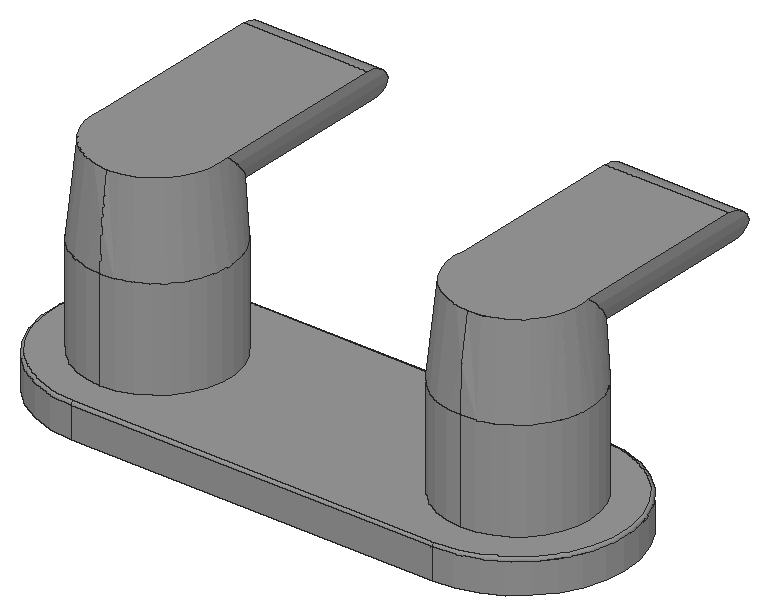
Revit family "Accessory-Robe_Hook-KOHLER-AVID-K-97500T_1", category Specialty Equipment, host Face, Revit 2017
Family settings
  Host = Face
  Round Connector Dimension = Use Diameter
  Part Type = Normal
  OmniClass Number = 23.31.25.27
  OmniClass Title = Robe Hooks
  Cut with Voids When Loaded = No
  Shared = No
  Room Calculation Point = No
Parameters (values of type "Not a Type-See Type Catalog")
  Width = 4 49/64"  # constant formula
  WaterSense Certified = 1 = 0  # no
  URL = "http://www.kohler.com.cn/en/"
  Type = 0
  Product Page URL = "http://www.kohler.com.cn/product/K-97500T/K-97500T-CP/"
  Product Name = "AVID"  # constant formula
  Product Documentation Link = "http://files.kohler.com.cn/pdfs/1512705096290_K-97500T_install.pdf"
  Model = if(Type = 1, "K-97500T-CP", if(Type = 2, "K-97500T-AF", if(Type = 3, "K-97500T-BN", if(Type = 4, "K-97500T-BV", if(Type = 5, "K-97500T-PGD", if(Type = 6, "K-97500T-RGD", if(Type = 7, "K-97500T-SN", if(Type = 8, "K-97500T-TT", if(Type = 9, "K-97500T-2BL", if(Type = 10, "K-97500T-2BZ", "NA"))))))))))  # "NA"
  Material = "Premium Metal Construction"  # constant formula
  Master Format 2014 Name = "Toilet, Bath, and Laundry Accessories"  # constant formula
  Master Format 2014 = "10 28 00"  # constant formula
  Manufacturer Address = "158 Jiangchang 3rd Road Zhabei District Shanghai, 200436 China"  # constant formula
  Manufacturer = "KOHLER Co."  # constant formula
  Length = 1 109/128"  # constant formula
  Height = 2 173/256"  # constant formula
  Finish = Default
  Environmental Product Declaration = ""
  Description = "Double Coat Hook"  # constant formula
  Default Elevation = 42"
  Declare Label = ""
  Date Modified = "06/09/2020"  # constant formula
  Date Created = "06/09/2020"  # constant formula
  Copyright = "Copyright KOHLER Co."  # constant formula
  Contact Us = "http://www.kohler.com.cn/en/contact/contact-us/"
  Assembly Code = "C1030200"
  ADA Compliant = 1 = 0  # no
Reference planes (in)
  plane 1 "Center (Front/Back)": y = 0
  plane 2: z = 0
  plane 3 "Center (Left/Right)": x = 0
  plane 4: y = 0.88583
  plane 5: y = -0.88583
  plane 6: x = -2.38189
  plane 7: x = -1.49606
  plane 8: x = -2.00787
  plane 9: x = -0.61024
  plane 10: x = -0.98425
  plane 11: x = 2.38374
  plane 12: x = 1.49606
  plane 13: x = 2.00787
  plane 14: x = 0.61024
  plane 15: x = 0.98425
  plane 16: y = 1.78995
  plane 17: z = 0.27559
  plane 18: z = 1.85156
  plane 19: x = 2.09934
  plane 20: x = 0.9006
  plane 21: x = -2.09934
  plane 22: x = -0.9006
  plane 23: y = -0.59935
  plane 24: z = 1.33477
  plane 25: y = 0.59934
  plane 26: y = 1.55751
Dimensions and locks (in)
  "Width": plane 6 to plane 11
  plane 5 to plane 4 = 1.77165"
  "Height": plane 5 to plane 16
  locked: plane 8 to plane 10 at 1.02362
  locked: plane 15 to plane 13 at 1.02362
  locked: plane 7 to plane 12 at 2.99213
  locked: plane 17 to plane 2 at 0.27559
  "Length": plane 18 to plane 2
  aligned and locked: plane 2 to host face
  aligned and locked: level to host face
Automatic sketch dimensions
  host sketch curve to host sketch curve = 96"  (x2)
Nested families (in)
  nested 1: "K-97500T" at (0, 0, 0), type "K-97500T"
Definition of nested family "K-97500T"
  Parameters (values of type "K-97500T")
    Material = none
  Reference planes (in)
    plane 1 "Center (Front/Back)": y = 0
    plane 2: z = 0
    plane 3 "Center (Left/Right)": x = 0
    plane 4: x = -1.49606
    plane 5: x = 1.49606
    plane 6: x = -2.00787
    plane 7: x = -0.98425
    plane 8: x = 2.00787
    plane 9: x = 0.98425
    plane 10: x = -2.38189
    plane 11: x = 2.38189
    plane 12: y = 0.88583
    plane 13: y = -0.88583
    plane 14: y = 1.79134
    plane 15: z = 0.27559
    plane 16: z = 1.85039
  Forms (in)
    Revolve 1, solid, material <- "Material", detail levels medium+fine
      sketch origin (1.5, 0, 0) x (0, 1, 0) y (0, 0, 1)
        loop
          line (-0.59934, 0.27559) -> (0, 0.27559) -> (0, 1.85039) -> (-0.52315, 1.85039)
          arc (-0.52315, 1.85039) -> (-0.58024, 1.48051) -> (-0.59934, 1.10674) r 3.66726
          line (-0.59934, 1.10674) -> (-0.59934, 0.27559)
        axis (0, 1.85039) -> (0, 0.27559)
      angle from 0 to 360
    Extrusion 2, solid, material <- "Material", detail levels medium+fine
      sketch origin (1.5, 0, 0) x (1, 0, 0) y (0, 1, 0)
        loop
          arc (-0.46484, 1.79687) -> (-0.50075, 1.782) -> (-0.51562, 1.74609) r 0.05078
          line (-0.51562, 1.74609) -> (-0.51562, 0.01682)
          arc (-0.51562, 0.01682) -> (0, -0.4988) -> (0.51563, 0.01682) r 0.51562
          line (0.51563, 0.01682) -> (0.51563, 1.74516)
          arc (0.51563, 1.74516) -> (0.50048, 1.78173) -> (0.46391, 1.79687) r 0.05171
          line (0.46391, 1.79687) -> (-0.46484, 1.79687)
      from 1.30774 to 1.8724
    Extrusion 3, void
      sketch origin (1.5, 0.03125, 0) x (0, 1, 0) y (0, 0, 1)
        loop
          line (-0.73438, 1.85039) -> (1.51562, 1.85039)
          arc (1.51562, 1.85039) -> (1.6924, 1.77717) -> (1.76562, 1.60039) r 0.25
          line (1.76562, 1.60039) -> (1.76562, 1.30656) -> (2.01451, 1.30656) -> (2.01451, 2.32733) -> (-0.73438, 2.32733) -> (-0.73438, 1.85039)
      from -1.07797 to 1.9314
    Extrusion 4, void
      sketch origin (1.5, 0, 0) x (1, 0, 0) y (0, 0, 1)
        loop
          line (-0.51562, 1.85039) -> (-0.64076, 1.85039) -> (-0.64076, 1.25587) -> (0.63742, 1.25587) -> (0.63742, 1.85039) -> (0.51563, 1.85039)
          arc (0.51563, 1.85039) -> (0, 1.33477) -> (-0.51562, 1.85039) r 0.51563
      from -2.02139 to 1.45101
    Extrusion 5, void
      sketch origin (-1.5, 0, 0) x (-1, 0, 0) y (0, 0, -1)
        loop
          arc (-0.51562, -1.85039) -> (0, -1.33477) -> (0.51563, -1.85039) r 0.51563
          line (0.51563, -1.85039) -> (0.63742, -1.85039) -> (0.63742, -1.25587) -> (-0.64076, -1.25587) -> (-0.64076, -1.85039) -> (-0.51562, -1.85039)
      from -2.02139 to 1.45101
    Extrusion 6, void
      sketch origin (-1.5, 0.03125, 0) x (0, 1, 0) y (0, 0, -1)
        loop
          line (-0.73438, -1.85039) -> (-0.73438, -2.32733) -> (2.01451, -2.32733) -> (2.01451, -1.30656) -> (1.76562, -1.30656) -> (1.76562, -1.60039)
          arc (1.76562, -1.60039) -> (1.6924, -1.77717) -> (1.51562, -1.85039) r 0.25
          line (1.51562, -1.85039) -> (-0.73438, -1.85039)
      from -1.07797 to 1.9314
    Extrusion 7, solid, material <- "Material", detail levels medium+fine
      sketch origin (-1.5, 0, 0) x (-1, 0, 0) y (0, -1, 0)
        loop
          line (-0.46484, -1.79687) -> (0.46391, -1.79687)
          arc (0.46391, -1.79687) -> (0.50048, -1.78173) -> (0.51563, -1.74516) r 0.05171
          line (0.51563, -1.74516) -> (0.51563, -0.01682)
          arc (0.51563, -0.01682) -> (0, 0.4988) -> (-0.51562, -0.01682) r 0.51562
          line (-0.51562, -0.01682) -> (-0.51562, -1.74609)
          arc (-0.51562, -1.74609) -> (-0.50075, -1.782) -> (-0.46484, -1.79687) r 0.05078
      from 1.30774 to 1.8724
    Revolve 8, solid, material <- "Material", detail levels medium+fine
      sketch origin (-1.5, 0, 0) x (0, 1, 0) y (0, 0, -1)
        loop
          line (-0.59934, -0.27559) -> (-0.59934, -1.10674)
          arc (-0.59934, -1.10674) -> (-0.58024, -1.48051) -> (-0.52315, -1.85039) r 3.66726
          line (-0.52315, -1.85039) -> (0, -1.85039) -> (0, -0.27559) -> (-0.59934, -0.27559)
        axis (0, -1.85039) -> (0, -0.27559)
      angle from 0 to 360
    Sweep 9, solid, material <- "Material", detail levels medium+fine
      path origin (0, 0, 0) x (1, 0, 0) y (0, 1, 0)
        loop
          arc (-1.50009, 0.89062) -> (-2.39071, 0) -> (-1.50009, -0.89063) r 0.89063
          line (-1.50009, -0.89063) -> (1.49946, -0.89063)
          arc (1.49946, -0.89063) -> (2.39008, 0) -> (1.49946, 0.89062) r 0.89063
          line (1.49946, 0.89062) -> (-1.50009, 0.89062)
      profile origin (-0.00031, 0.89062, 0) x (0, 1, 0) y (0, 0, 1)
        loop
          line (-0.23691, 0) -> (0, 0) -> (0, 0.25221)
          arc (0, 0.25221) -> (-0.00685, 0.26874) -> (-0.02338, 0.27559) r 0.02338
          line (-0.02338, 0.27559) -> (-0.23691, 0.27559) -> (-0.23691, 0)
    Extrusion 10, solid, material <- "Material", detail levels medium+fine
      sketch origin (0, 0, 0) x (1, 0, 0) y (0, 1, 0)
        loop
          arc (-1.50009, 0.65371) -> (-2.1538, 0) -> (-1.50009, -0.65371) r 0.65371
          line (-1.50009, -0.65371) -> (1.49946, -0.65371)
          arc (1.49946, -0.65371) -> (2.15317, 0) -> (1.49946, 0.65371) r 0.65371
          line (1.49946, 0.65371) -> (-1.50009, 0.65371)
      from 0 to 0.27559
    Extrusion 11, solid, material <- "Material", detail levels coarse
      sketch origin (0, 0, 0) x (1, 0, 0) y (0, 1, 0)
        loop
          arc (-2.39062, 0) -> (-2.12982, -0.62976) -> (-1.50009, -0.89063) r 0.89054
          line (-1.50009, -0.89063) -> (1.50009, -0.89063)
          arc (1.50009, -0.89063) -> (2.12982, -0.62976) -> (2.39062, 0) r 0.89054
          arc (2.39062, 0) -> (2.12982, 0.62976) -> (1.50009, 0.89062) r 0.89054
          line (1.50009, 0.89062) -> (-1.50009, 0.89062)
          arc (-1.50009, 0.89062) -> (-2.12982, 0.62976) -> (-2.39062, 0) r 0.89054
      from 0 to 0.27559
    Extrusion 12, solid, material <- "Material", detail levels coarse
      sketch origin (0, 0, 0) x (1, 0, 0) y (0, 1, 0)
        loop
          circle (-1.5, 0) r 0.53493
        loop
          circle (1.5, 0) r 0.53516
      from 0 to 1.84375
    Extrusion 13, solid, material <- "Material", detail levels coarse
      sketch origin (0, 0, 0) x (1, 0, 0) y (0, 0, 1)
        loop
          line (-2.01562, 1.84375) -> (-2.01562, 1.31959) -> (-0.98437, 1.31959) -> (-0.98437, 1.84375) -> (-2.01562, 1.84375)
        loop
          line (2.01563, 1.84375) -> (0.98438, 1.84375) -> (0.98438, 1.31959) -> (2.01563, 1.31959) -> (2.01563, 1.84375)
      from -1.79688 to 0
  Cuts and joins
    Extrusion 5, Extrusion 6 cuts Revolve 1
    Extrusion 3, Extrusion 4, Extrusion 5, Extrusion 6 cuts Extrusion 2
    Extrusion 5, Extrusion 6 cuts Extrusion 7
    joined: Revolve 1, Extrusion 2, Extrusion 7, Revolve 8, Sweep 9, Extrusion 10
    joined: Extrusion 11, Extrusion 12, Extrusion 13
  Lines and regions (in)
    Masking region 1
      outline origin (0, 0, 0) x (1, 0, 0) y (0, 1, 0)
        loop
          line (-0.98437, 0.88583) -> (-0.98437, 1.64213)
          arc (-0.98437, 1.64213) -> (-0.98638, 1.68821) -> (-0.99238, 1.73396) r 0.53104
          arc (-0.99238, 1.73396) -> (-0.999, 1.75586) -> (-1.01064, 1.77556) r 0.09562
          arc (-1.01064, 1.77556) -> (-1.02254, 1.78608) -> (-1.03753, 1.79134) r 0.04135
          line (-1.03753, 1.79134) -> (-1.95472, 1.79134)
          arc (-1.95472, 1.79134) -> (-1.96971, 1.78608) -> (-1.98161, 1.77556) r 0.04135
          arc (-1.98161, 1.77556) -> (-1.99325, 1.75586) -> (-1.99987, 1.73396) r 0.09562
          arc (-1.99987, 1.73396) -> (-2.00587, 1.68821) -> (-2.00787, 1.64213) r 0.53104
          line (-2.00787, 1.64213) -> (-2.00787, 0.73167)
          arc (-2.00787, 0.73167) -> (-2.28208, 0.41041) -> (-2.38189, 0) r 0.91079
          arc (-2.38189, 0) -> (-2.12504, -0.62613) -> (-1.50009, -0.88583) r 0.88181
          line (-1.50009, -0.88583) -> (1.50009, -0.88583)
          arc (1.50009, -0.88583) -> (2.12504, -0.62613) -> (2.38189, 0) r 0.88181
          arc (2.38189, 0) -> (2.28208, 0.41041) -> (2.00787, 0.73167) r 0.91079
          line (2.00787, 0.73167) -> (2.00787, 1.64213)
          arc (2.00787, 1.64213) -> (2.00587, 1.68821) -> (1.99987, 1.73396) r 0.53104
          arc (1.99987, 1.73396) -> (1.99325, 1.75586) -> (1.98161, 1.77556) r 0.09562
          arc (1.98161, 1.77556) -> (1.96971, 1.78608) -> (1.95472, 1.79134) r 0.04135
          line (1.95472, 1.79134) -> (1.03753, 1.79134)
          arc (1.03753, 1.79134) -> (1.02254, 1.78608) -> (1.01064, 1.77556) r 0.04135
          arc (1.01064, 1.77556) -> (0.999, 1.75586) -> (0.99238, 1.73396) r 0.09562
          arc (0.99238, 1.73396) -> (0.98638, 1.68821) -> (0.98438, 1.64213) r 0.53104
          line (0.98438, 1.64213) -> (0.98438, 0.88583) -> (-0.98437, 0.88583)
    Masking region 2
      outline origin (0, 0, 0) x (1, 0, 0) y (0, 0, 1)
        loop
          line (2.38189, 0) -> (2.38189, 0.25249)
          arc (2.38189, 0.25249) -> (2.37512, 0.26882) -> (2.35879, 0.27559) r 0.0231
          line (2.35879, 0.27559) -> (2.09934, 0.27559) -> (2.09934, 1.15604)
          arc (2.09934, 1.15604) -> (2.07638, 1.50621) -> (2.00787, 1.85039) r 2.68127
          line (2.00787, 1.85039) -> (0.98425, 1.85039)
          arc (0.98425, 1.85039) -> (0.92163, 1.50572) -> (0.90066, 1.15604) r 2.92559
          line (0.90066, 1.15604) -> (0.90066, 0.27559) -> (-0.90066, 0.27559) -> (-0.90066, 1.15604)
          arc (-0.90066, 1.15604) -> (-0.92163, 1.50572) -> (-0.98425, 1.85039) r 2.92559
          line (-0.98425, 1.85039) -> (-2.00787, 1.85039)
          arc (-2.00787, 1.85039) -> (-2.07638, 1.50621) -> (-2.09934, 1.15604) r 2.68127
          line (-2.09934, 1.15604) -> (-2.09934, 0.27559) -> (-2.35879, 0.27559)
          arc (-2.35879, 0.27559) -> (-2.37512, 0.26882) -> (-2.38189, 0.25249) r 0.0231
          line (-2.38189, 0.25249) -> (-2.38189, 0) -> (2.38189, 0)
    Masking region 3
      outline origin (0, 0, 0) x (0, 1, 0) y (0, 0, 1)
        loop
          arc (-0.59934, 0.85656) -> (-0.58954, 0.74867) -> (-0.59934, 0.64079) r 0.59892
          line (-0.59934, 0.64079) -> (-0.59934, 0.27559) -> (-0.86101, 0.27559)
          arc (-0.86101, 0.27559) -> (-0.87856, 0.26832) -> (-0.88583, 0.25077) r 0.02482
          line (-0.88583, 0.25077) -> (-0.88583, 0) -> (0.88583, 0) -> (0.88583, 0.25047)
          arc (0.88583, 0.25047) -> (0.87847, 0.26823) -> (0.8607, 0.27559) r 0.02512
          line (0.8607, 0.27559) -> (0.59934, 0.27559) -> (0.59934, 0.75851)
          arc (0.59934, 0.75851) -> (0.76812, 1.16599) -> (1.1756, 1.33477) r 0.57626
          line (1.1756, 1.33477) -> (1.79134, 1.33477) -> (1.79134, 1.60039)
          arc (1.79134, 1.60039) -> (1.71812, 1.77717) -> (1.54134, 1.85039) r 0.25
          line (1.54134, 1.85039) -> (-0.45846, 1.85039)
          arc (-0.45846, 1.85039) -> (-0.50872, 1.83227) -> (-0.53584, 1.78624) r 0.07874
          arc (-0.53584, 1.78624) -> (-0.58343, 1.44788) -> (-0.59934, 1.10656) r 3.66904
          line (-0.59934, 1.10656) -> (-0.59934, 0.85656)
    symbolic lines, detail levels medium+fine
      curve 1: arc (-2.00787, 0.30552, 0) -> (-2.0017, 0.15226, 0) -> (-1.98322, 0, 0) r 1.90567
      curve 2: arc (-0.98437, 0.13382, 0) -> (-0.99164, 0.06676, 0) -> (-1.00127, 0, 0) r 1.90567
      curve 3: arc (-1.98322, 0, 0) -> (-1.49225, -0.41766, 0) -> (-1.00127, 0, 0) r 0.49741
      curve 4: line (0.98438, 0.89062, 0) -> (0.98438, 0.30552, 0)
      curve 5: arc (2.00787, 0.13382, 0) -> (2.00061, 0.06676, 0) -> (1.99098, 0, 0) r 1.90567
      curve 6: arc (0.98438, 0.30552, 0) -> (0.99055, 0.15226, 0) -> (1.00902, 0, 0) r 1.90567
      curve 7: arc (1.99098, 0, 0) -> (1.5, -0.41766, 0) -> (1.00902, 0, 0) r 0.49741
      curve 8: arc (-2.09935, 0, 0) -> (-1.5, -0.59935, 0) -> (-0.90065, 0, 0) r 0.59935
      curve 9: arc (-2.00787, 0.47214, 0) -> (-2.07627, 0.24046, 0) -> (-2.09935, 0, 0) r 1.26424
      curve 10: arc (-0.98437, 0.45241, 0) -> (-0.92176, 0.23005, 0) -> (-0.90065, 0, 0) r 1.26424
      curve 11: arc (2.09935, 0, 0) -> (1.5, -0.59935, 0) -> (0.90065, 0, 0) r 0.59935
      curve 12: arc (2.00787, 0.47214, 0) -> (2.07627, 0.24046, 0) -> (2.09935, 0, 0) r 1.26424
      curve 13: arc (0.98438, 0.45241, 0) -> (0.92176, 0.23005, 0) -> (0.90065, 0, 0) r 1.26424
      curve 14: line (-2.09934, 0, 0.27559) -> (-0.90066, 0, 0.27559)
      curve 15: line (0.90066, 0, 0.27559) -> (2.09934, 0, 0.27559)
      curve 16: line (0, 0.59934, 0.27559) -> (0, -0.59934, 0.27559)
      curve 17: line (0, 1.54687, 1.85039) -> (0, 1.54687, 1.33477)
      curve 18: line (-2.01562, 1.55751, 0) -> (-0.98437, 1.55751, 0)
      curve 19: line (2.01563, 1.55751, 0) -> (0.98438, 1.55751, 0)
      curve 20: line (-0.98437, 0.88583, 0) -> (-0.98437, 0.13382, 0)
      curve 21: line (-2.00787, 0.73167, 0) -> (-2.00787, 0.30552, 0)
      curve 22: line (2.00787, 0.73167, 0) -> (2.00787, 0.13382, 0)
      curve 23: arc (0.98438, 0, 1.85039) -> (1.13304, 0, 1.4815) -> (1.5, 0, 1.32812) r 0.51567
      curve 24: arc (1.5, 0, 1.32812) -> (1.86425, 0, 1.48199) -> (2.00787, 0, 1.85039) r 0.50807
      curve 25: arc (-2.00775, 0, 1.85039) -> (-1.85908, 0, 1.4815) -> (-1.49213, 0, 1.32812) r 0.51567
      curve 26: arc (-1.49213, 0, 1.32812) -> (-1.12788, 0, 1.48199) -> (-0.98425, 0, 1.85039) r 0.50807
  Dimensions and locks (in)
    locked: plane 4 to plane 5 at 2.99213
    locked: plane 6 to plane 7 at 1.02362
    locked: plane 9 to plane 8 at 1.02362
    locked: plane 10 to plane 11 at 4.76378
    locked: plane 13 to plane 12 at 1.77165
    locked: plane 14 to plane 13 at 2.67717
    locked: plane 15 to plane 2 at 0.27559
    locked: plane 16 to plane 2 at 1.85039
    aligned and locked: level to plane 2
